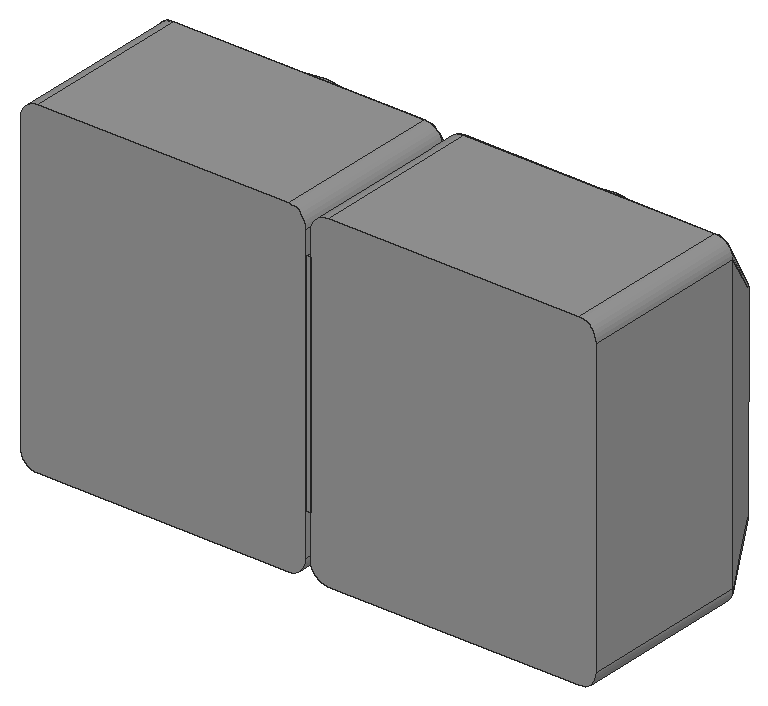
Revit family "IEK_РозеткаСетевая_ОткрытойУстановки_C ЗК с КР 16А двухместная IP54_ГЕРМЕС PLUS", category Электрические приборы, Revit 2019
Family settings
  Сохранять ориентацию аннотаций = Да
  Размер круглого соединителя = Использовать диаметр
  Тип детали = Нормальный
  На основе рабочей плоскости = Нет
  Всегда вертикально = Да
  При загрузке вырезать с полостями = Нет
  Общий = Нет
  Точка расчета площади = Нет
Parameters (values of type "РСб22-3-ГПБд")
  Ширина = 147 mm  # constant formula
  Тип монтажа = "Поверхность монтажа (открытая установка)"  # constant formula
  Степень защиты = "IP54"  # constant formula
  Материал крышки = Цвет дымчатый
  Изготовитель = "IEK"  # constant formula
  Дата изменения = ""
  Глубина = 52 mm  # constant formula
  Высота = 72 mm  # constant formula
  ΔХ [instance] = 2000 mm
  ΔY [instance] = 2000 mm
  KSI_CPr_Строительные изделия = "20.4.03.04 20.4.03.05 20.4.03.06"  # constant formula
  KSI_CMa_Строительные материалы = "01.7.14.03"  # constant formula
  IEK_Цена за единицу = 684.68  # constant formula
  IEK_Поиск в таблице имен = ""
  IEK_Описание = "Изделия серии \"ГЕРМЕС PLUS\" используются в помещениях с повышенной влажностью или запыленностью, а также под навесом на открытом воздухе."
  IEK_URL = "https://www.iek.ru/products/catalog/izdeliya_elektroustanovochnye_udliniteli_i_silovye_razemy/elektroustanovochnye_izdeliya/elektroustanovochnye_izdeliya_otkrytogo_montazha_ip44_ip54/elektroustanovochnye_izdeliya_germes_plus/rozetka_2_mestnaya_dlya_otkrytoy_ustanovki_rsb22_3_gpbd_s_zazemlyayushchim_kontaktom_ip54_germes_plus_tsvet_kryshki_dymchatyy_iek"
  ADSK_Ток [instance] = 16 A  # constant formula
  ADSK_Примечание = ""
  ADSK_Полная мощность [instance] = ADSK_Номинальная мощность / ADSK_Коэффициент мощности  # 3520 VA
  ADSK_Позиция [instance] = ""
  ADSK_Номинальная мощность [instance] = ADSK_Ток * ADSK_Напряжение * sqrt(ADSK_Количество фаз числовое) * ADSK_Коэффициент мощности  # 3520 W
  ADSK_Напряжение = 220 V
  ADSK_Наименование = "Розетка 2-местная для открытой установки РСб22-3-ГПБд с заземляющим контактом IP54 ГЕРМЕС PLUS (цвет крышки: дымчатый) IEK"
  ADSK_Материал обозначение = ""
  ADSK_Материал наименование = "Пластик"  # constant formula
  ADSK_Материал = Цвет белый
  ADSK_Масса = 0.224
  ADSK_Марка = "ГЕРМЕС PLUS"  # constant formula
  ADSK_Коэффициент мощности [instance] = 1  # constant formula
  ADSK_Количество фаз числовое = 1
  ADSK_Количество фаз = 1
  ADSK_Код изделия = "ERMP22-K03-16-54-EC"
  ADSK_Классификация нагрузок [instance] = Прочее
  ADSK_Завод-изготовитель = "IEK"  # constant formula
  ADSK_Единица измерения = "шт"  # constant formula
  ADSK_Группирование = "III ЭЛЕКТРОУСТАНОВОЧНЫЕ И ЭЛЕКТРОМОНТАЖНЫЕ ИЗДЕЛИЯ"  # constant formula
  ADSK_Версия семейства = "1.0"  # constant formula
  ADSK_Версия Revit = "2019"  # constant formula
  ADSK_URL страницы изделия = "https://www.iek.ru/products/catalog/izdeliya_elektroustanovochnye_udliniteli_i_silovye_razemy/elektroustanovochnye_izdeliya/elektroustanovochnye_izdeliya_otkrytogo_montazha_ip44_ip54/elektroustanovochnye_izdeliya_germes_plus/?pagec=100"
Types (3, lengths in mm): name | Материал крышки | IEK_URL | ADSK_Наименование | ADSK_Масса | ADSK_Код изделия
  (no name) | Цвет дымчатый | "https://www.iek.ru/products/catalog/izdeliya_elektroustanovochnye_udliniteli_i_silovye_razemy/elektroustanovochnye_izdeliya/elektroustanovochnye_izdeliya_otkrytogo_montazha_ip44_ip54/elektroustanovochnye_izdeliya_germes_plus/rozetka_2_mestnaya_dlya_otkrytoy_ustanovki_rsb22_3_gpbd_s_zazemlyayushchim_kontaktom_ip54_germes_plus_tsvet_kryshki_dymchatyy_iek" | "Розетка 2-местная для открытой установки РСб22-3-ГПБд с заземляющим контактом IP54 ГЕРМЕС PLUS (цвет крышки: дымчатый) IEK" | 0.224 | "ERMP22-K03-16-54-EC"
  РСб22-3-ГПБб | Цвет белый | "https://www.iek.ru/products/catalog/izdeliya_elektroustanovochnye_udliniteli_i_silovye_razemy/elektroustanovochnye_izdeliya/elektroustanovochnye_izdeliya_otkrytogo_montazha_ip44_ip54/elektroustanovochnye_izdeliya_germes_plus/rozetka_2_mestnaya_dlya_otkrytoy_ustanovki_rsb22_3_gpbb_s_zazemlyayushchim_kontaktom_ip54_germes_plus_tsvet_kryshki_belyy_iek" | "Розетка 2-местная для открытой установки РСб22-3-ГПБб с заземляющим контактом IP54 ГЕРМЕС PLUS (цвет крышки:белый) IEK" | 0.234 | "ERMP22-K01-16-54-EC"
  РСб22-3-ГПБд | Цвет дымчатый | "https://www.iek.ru/products/catalog/izdeliya_elektroustanovochnye_udliniteli_i_silovye_razemy/elektroustanovochnye_izdeliya/elektroustanovochnye_izdeliya_otkrytogo_montazha_ip44_ip54/elektroustanovochnye_izdeliya_germes_plus/rozetka_2_mestnaya_dlya_otkrytoy_ustanovki_rsb22_3_gpbd_s_zazemlyayushchim_kontaktom_ip54_germes_plus_tsvet_kryshki_dymchatyy_iek" | "Розетка 2-местная для открытой установки РСб22-3-ГПБд с заземляющим контактом IP54 ГЕРМЕС PLUS (цвет крышки: дымчатый) IEK" | 0.224 | "ERMP22-K03-16-54-EC"
Reference planes
  plane 1 "По центру (Вперед/Назад)": y = 0
  plane 2: z = 0
  plane 3 "По центру (Влево/Вправо)": x = 0
  plane 4 "Высота ножек": z = 280
  plane 5 "Высота": z = 2081.496
  plane 6: x = -2000
  plane 7: y = 2000
Forms (mm)
  Extrusion 1, solid, material "Цвет белый" <- "ADSK_Материал", detail levels fine
    sketch origin (-33, 0, 37.5) x (1, 0, 0) y (0, 0, -1)
      loop
        line (-32.5, 33.5) -> (-32.5, -33.45)
        arc (-32.5, -33.45) -> (-31.314, -36.314) -> (-28.45, -37.5) r 4.05
        line (-28.45, -37.5) -> (28.5, -37.5)
        arc (28.5, -37.5) -> (31.328, -36.328) -> (32.5, -33.5) r 4
        line (32.5, -33.5) -> (32.5, 33.5)
        arc (32.5, 33.5) -> (31.328, 36.328) -> (28.5, 37.5) r 4
        line (28.5, 37.5) -> (-28.5, 37.5)
        arc (-28.5, 37.5) -> (-31.328, 36.328) -> (-32.5, 33.5) r 4
    from 0 to 38.682
  Blend 2, solid, material "Цвет дымчатый" <- "Материал крышки", detail levels fine
    base sketch origin (-33, 0, 37.5) x (1, 0, 0) y (0, 0, -1)
      loop
        line (-32.5, 33.5) -> (-32.5, -33.5)
        arc (-32.5, -33.5) -> (-31.328, -36.328) -> (-28.5, -37.5) r 4
        line (-28.5, -37.5) -> (28.5, -37.5)
        arc (28.5, -37.5) -> (31.328, -36.328) -> (32.5, -33.5) r 4
        line (32.5, -33.5) -> (32.5, 33.5)
        arc (32.5, 33.5) -> (31.328, 36.328) -> (28.5, 37.5) r 4
        line (28.5, 37.5) -> (-28.5, 37.5)
        arc (-28.5, 37.5) -> (-31.328, 36.328) -> (-32.5, 33.5) r 4
    top sketch origin (-33, 0, 37.5) x (1, 0, 0) y (0, 0, -1)
      loop
        line (-30.1, 23.034) -> (-30.1, -24.041)
        arc (-30.1, -24.041) -> (-29.819, -24.719) -> (-29.141, -25) r 0.959
        line (-29.141, -25) -> (29.141, -25)
        arc (29.141, -25) -> (29.819, -24.719) -> (30.1, -24.041) r 0.959
        line (30.1, -24.041) -> (30.1, 23.034)
        arc (30.1, 23.034) -> (29.819, 23.712) -> (29.141, 23.993) r 0.959
        line (29.141, 23.993) -> (-29.141, 23.993)
        arc (-29.141, 23.993) -> (-29.819, 23.712) -> (-30.1, 23.034) r 0.959
    from 38.682 to 46.099
  Extrusion 3, void
    sketch origin (-32.975, 0, 37.5) x (1, 0, 0) y (0, 0, -1)
      loop
        arc (-16.762, -9.964) -> (-0.012, -19.5) -> (16.75, -9.984) r 19.5
        line (16.75, -9.984) -> (16.75, -2.25) -> (19.37, -2.25)
        arc (19.37, -2.25) -> (19.5, 0) -> (19.37, 2.25) r 19.5
        line (19.37, 2.25) -> (16.75, 2.25) -> (16.75, 9.984)
        arc (16.75, 9.984) -> (0, 19.5) -> (-16.75, 9.984) r 19.5
        line (-16.75, 9.984) -> (-16.75, 2.25) -> (-19.37, 2.25)
        arc (-19.37, 2.25) -> (-19.5, 0) -> (-19.37, -2.25) r 19.5
        line (-19.37, -2.25) -> (-16.75, -2.25) -> (-16.762, -9.964)
    from 26.4 to 46.099
  Extrusion 4, void
    sketch origin (-32.975, 0, 37.5) x (1, 0, 0) y (0, 0, -1)
      loop
        circle (-9.525, 0) r 2.758
      loop
        circle (9.525, 0) r 2.758
    from 26.4 to 5.7
  Extrusion 5, void
    sketch origin (-33, 0, 39.041) x (1, 0, 0) y (0, 0, -1)
      loop
        arc (-28.5, -24.189) -> (-27.914, -25.603) -> (-26.5, -26.189) r 2
        line (-26.5, -26.189) -> (26.5, -26.189)
        arc (26.5, -26.189) -> (27.914, -25.603) -> (28.5, -24.189) r 2
        line (28.5, -24.189) -> (28.5, 37.041)
        arc (28.5, 37.041) -> (27.914, 38.456) -> (26.5, 39.041) r 2
        line (26.5, 39.041) -> (-26.5, 39.041)
        arc (-26.5, 39.041) -> (-27.914, 38.456) -> (-28.5, 37.041) r 2
        line (-28.5, 37.041) -> (-28.5, -24.189)
      loop
        line (5, 26.541) -> (-5, 26.541) -> (-15.069, 16.168)
        arc (-15.069, 16.168) -> (-21, 1.541) -> (-15.069, -13.085) r 21
        line (-15.069, -13.085) -> (-5, -23.459) -> (5, -23.459) -> (15.069, -13.085)
        arc (15.069, -13.085) -> (21, 1.541) -> (15.069, 16.168) r 21
        line (15.069, 16.168) -> (5, 26.541)
    from 38.682 to 46.099
  Extrusion 6, void
    sketch origin (-33, 0, 37.5) x (1, 0, 0) y (0, 0, -1)
      loop
        line (-22.764, -27) -> (-14.278, -27)
        arc (-14.278, -27) -> (0, -32.5) -> (14.278, -27) r 21.282
        line (14.278, -27) -> (22.764, -27) -> (22.764, 26.4) -> (-22.764, 26.4) -> (-22.764, -27)
    from 43.6 to 46.099
  Extrusion 7, solid, material "Цвет дымчатый" <- "Материал крышки", detail levels fine
    sketch origin (-32.975, 0, 37.5) x (0, 0, -1) y (0, 1, 0)
      loop
        line (23.993, 46.099) -> (-27, 46.099) -> (-27, 45.121) -> (23.993, 45.121) -> (35.72, 38.682) -> (37.5, 38.682) -> (23.993, 46.099)
    from -28 to 28
  Extrusion 8, solid, material "Цвет дымчатый" <- "Материал крышки", detail levels fine
    sketch origin (-32.975, 0, 37.5) x (1, 0, 0) y (0, 0, -1)
      loop
        arc (-14.278, -27) -> (0, -32.5) -> (14.278, -27) r 21.282
        line (14.278, -27) -> (-14.278, -27)
    from 45.121 to 46.099
  Blend 9, solid, material "Цвет дымчатый" <- "Материал крышки", detail levels fine
    base sketch origin (33, 0, 37.5) x (1, 0, 0) y (0, 0, -1)
      loop
        line (-32.5, 33.5) -> (-32.5, -33.5)
        arc (-32.5, -33.5) -> (-31.328, -36.328) -> (-28.5, -37.5) r 4
        line (-28.5, -37.5) -> (28.5, -37.5)
        arc (28.5, -37.5) -> (31.328, -36.328) -> (32.5, -33.5) r 4
        line (32.5, -33.5) -> (32.5, 33.5)
        arc (32.5, 33.5) -> (31.328, 36.328) -> (28.5, 37.5) r 4
        line (28.5, 37.5) -> (-28.5, 37.5)
        arc (-28.5, 37.5) -> (-31.328, 36.328) -> (-32.5, 33.5) r 4
    top sketch origin (33, 0, 37.5) x (1, 0, 0) y (0, 0, -1)
      loop
        line (-30.1, 23.034) -> (-30.1, -24.041)
        arc (-30.1, -24.041) -> (-29.819, -24.719) -> (-29.141, -25) r 0.959
        line (-29.141, -25) -> (29.141, -25)
        arc (29.141, -25) -> (29.819, -24.719) -> (30.1, -24.041) r 0.959
        line (30.1, -24.041) -> (30.1, 23.034)
        arc (30.1, 23.034) -> (29.819, 23.712) -> (29.141, 23.993) r 0.959
        line (29.141, 23.993) -> (-29.141, 23.993)
        arc (-29.141, 23.993) -> (-29.819, 23.712) -> (-30.1, 23.034) r 0.959
    from 38.682 to 46.099
  Extrusion 10, solid, material "Цвет белый" <- "ADSK_Материал", detail levels fine
    sketch origin (33, 0, 37.5) x (1, 0, 0) y (0, 0, -1)
      loop
        line (-32.5, 33.5) -> (-32.5, -33.45)
        arc (-32.5, -33.45) -> (-31.314, -36.314) -> (-28.45, -37.5) r 4.05
        line (-28.45, -37.5) -> (28.5, -37.5)
        arc (28.5, -37.5) -> (31.328, -36.328) -> (32.5, -33.5) r 4
        line (32.5, -33.5) -> (32.5, 33.5)
        arc (32.5, 33.5) -> (31.328, 36.328) -> (28.5, 37.5) r 4
        line (28.5, 37.5) -> (-28.5, 37.5)
        arc (-28.5, 37.5) -> (-31.328, 36.328) -> (-32.5, 33.5) r 4
    from 0 to 38.682
  Extrusion 11, void
    sketch origin (33.025, 0, 37.5) x (1, 0, 0) y (0, 0, -1)
      loop
        arc (-16.762, -9.964) -> (-0.012, -19.5) -> (16.75, -9.984) r 19.5
        line (16.75, -9.984) -> (16.75, -2.25) -> (19.37, -2.25)
        arc (19.37, -2.25) -> (19.5, 0) -> (19.37, 2.25) r 19.5
        line (19.37, 2.25) -> (16.75, 2.25) -> (16.75, 9.984)
        arc (16.75, 9.984) -> (0, 19.5) -> (-16.75, 9.984) r 19.5
        line (-16.75, 9.984) -> (-16.75, 2.25) -> (-19.37, 2.25)
        arc (-19.37, 2.25) -> (-19.5, 0) -> (-19.37, -2.25) r 19.5
        line (-19.37, -2.25) -> (-16.75, -2.25) -> (-16.762, -9.964)
    from 26.4 to 46.099
  Extrusion 12, void
    sketch origin (33.025, 0, 37.5) x (1, 0, 0) y (0, 0, -1)
      loop
        circle (-9.525, 0) r 2.758
      loop
        circle (9.525, 0) r 2.758
    from 26.4 to 5.7
  Extrusion 13, void
    sketch origin (33, 0, 39.041) x (1, 0, 0) y (0, 0, -1)
      loop
        arc (-28.5, -24.189) -> (-27.914, -25.603) -> (-26.5, -26.189) r 2
        line (-26.5, -26.189) -> (26.5, -26.189)
        arc (26.5, -26.189) -> (27.914, -25.603) -> (28.5, -24.189) r 2
        line (28.5, -24.189) -> (28.5, 37.041)
        arc (28.5, 37.041) -> (27.914, 38.456) -> (26.5, 39.041) r 2
        line (26.5, 39.041) -> (-26.5, 39.041)
        arc (-26.5, 39.041) -> (-27.914, 38.456) -> (-28.5, 37.041) r 2
        line (-28.5, 37.041) -> (-28.5, -24.189)
      loop
        line (5, 26.541) -> (-5, 26.541) -> (-15.069, 16.168)
        arc (-15.069, 16.168) -> (-21, 1.541) -> (-15.069, -13.085) r 21
        line (-15.069, -13.085) -> (-5, -23.459) -> (5, -23.459) -> (15.069, -13.085)
        arc (15.069, -13.085) -> (21, 1.541) -> (15.069, 16.168) r 21
        line (15.069, 16.168) -> (5, 26.541)
    from 38.682 to 46.099
  Extrusion 14, void
    sketch origin (33, 0, 37.5) x (1, 0, 0) y (0, 0, -1)
      loop
        line (-22.764, -27) -> (-14.278, -27)
        arc (-14.278, -27) -> (0, -32.5) -> (14.278, -27) r 21.282
        line (14.278, -27) -> (22.764, -27) -> (22.764, 26.4) -> (-22.764, 26.4) -> (-22.764, -27)
    from 43.6 to 46.099
  Extrusion 15, solid, material "Цвет дымчатый" <- "Материал крышки", detail levels fine
    sketch origin (33, 0, 37.5) x (0, 0, -1) y (0, 1, 0)
      loop
        line (23.993, 46.099) -> (-27, 46.099) -> (-27, 45.121) -> (23.993, 45.121) -> (35.72, 38.682) -> (37.5, 38.682) -> (23.993, 46.099)
    from -28 to 28
  Extrusion 16, solid, material "Цвет дымчатый" <- "Материал крышки", detail levels fine
    sketch origin (33, 0, 37.5) x (1, 0, 0) y (0, 0, -1)
      loop
        arc (-14.278, -27) -> (0, -32.5) -> (14.278, -27) r 21.282
        line (14.278, -27) -> (-14.278, -27)
    from 45.121 to 46.099
  Extrusion 17, solid, material "Цвет белый" <- "ADSK_Материал", detail levels fine
    sketch origin (0, 0, 37.5) x (1, 0, 0) y (0, 0, -1)
      loop
        line (-0.5, 23.775) -> (-0.5, -28.284) -> (0.5, -28.284) -> (0.5, 23.775) -> (-0.5, 23.775)
    from 0 to 15
  Extrusion 18, solid, detail levels coarse
    sketch origin (0, 0, 0) x (1, 0, 0) y (0, 1, 0)
      loop
        line (-65.5, 0) -> (65.5, 0) -> (65.5, 46.099) -> (-65.5, 46.099) -> (-65.5, 0)
    from 0 to 75
  Extrusion 19, solid, detail levels medium
    sketch origin (0, 0, 0) x (1, 0, 0) y (0, 1, 0)
      loop
        line (-65.5, 46.099) -> (-65.5, 0) -> (65.5, 0) -> (65.5, 46.099) -> (-65.5, 46.099)
    from 0 to 75
Cuts and joins
  Extrusion 3, Extrusion 5, Extrusion 6 cuts Blend 2
  Extrusion 13, Extrusion 14 cuts Blend 9
  Extrusion 11, Extrusion 12, Extrusion 14 cuts Extrusion 10
  Extrusion 3, Extrusion 4 cuts Extrusion 1
Lines and regions (mm)
  reference lines
    curve 1: line (0, 44.647, 0) -> (0, -55.353, 0)
    curve 2: line (-23.829, 0, 0) -> (76.171, 0, 0)
Dimensions and locks
  locked: plane 4 "Высота ножек" to plane 2 at 280
  plane 5 "Высота" to plane 4 "Высота ножек" = 1801.496 mm
  "ΔХ": plane 6 to curve 1
  "ΔY": plane 7 to curve 2
  aligned and locked: level to plane 2
  aligned and locked: nested 1 to curve 1
  aligned and locked: curve 2 to nested 1
Automatic sketch dimensions
  level to Extrusion 1 sketch curve = 4 mm
  Extrusion 1 sketch curve to plane 3 "По центру (Влево/Вправо)" = 65.5 mm
  Extrusion 1 sketch curve to Extrusion 1 sketch curve = 4 mm
  Extrusion 1 sketch curve to Extrusion 1 sketch curve = 4.05 mm
  Extrusion 1 sketch curve to plane 3 "По центру (Влево/Вправо)" = 4.5 mm  (x2)
  Extrusion 1 sketch curve to plane 3 "По центру (Влево/Вправо)" = 0.5 mm
  level to Extrusion 1 sketch curve = 70.95 mm
  level to Blend 2 sketch curve = 4 mm
  Blend 2 sketch curve to plane 3 "По центру (Влево/Вправо)" = 65.5 mm
  Blend 2 sketch curve to Blend 2 sketch curve = 4 mm  (x2)
  Blend 2 sketch curve to plane 3 "По центру (Влево/Вправо)" = 4.5 mm  (x2)
  Blend 2 sketch curve to plane 3 "По центру (Влево/Вправо)" = 0.5 mm
  level to Blend 2 sketch curve = 71 mm
  level to Blend 2 sketch curve = 14.466 mm  (x2)
  Blend 2 sketch curve to plane 3 "По центру (Влево/Вправо)" = 63.1 mm
  Blend 2 sketch curve to Blend 2 sketch curve = 0.959 mm  (x2)
  Blend 2 sketch curve to plane 3 "По центру (Влево/Вправо)" = 3.859 mm  (x2)
  Blend 2 sketch curve to Blend 2 sketch curve = 47.076 mm
  Extrusion 3 sketch curve to Extrusion 3 sketch curve = 0 mm  (x14)
  level to Extrusion 3 sketch curve = 39.75 mm  (x2)
  Extrusion 3 sketch curve to plane 3 "По центру (Влево/Вправо)" = 52.345 mm
  Extrusion 3 sketch curve to Extrusion 3 sketch curve = 2.62 mm  (x4)
  Extrusion 3 sketch curve to Extrusion 3 sketch curve = 16.75 mm
  Extrusion 3 sketch curve to plane 3 "По центру (Влево/Вправо)" = 16.225 mm
  Extrusion 3 sketch curve to Extrusion 3 sketch curve = 7.734 mm  (x2)
  Extrusion 3 sketch curve to Extrusion 3 sketch curve = 2.25 mm
  Extrusion 3 sketch curve to Extrusion 3 sketch curve = 0.012 mm
  Extrusion 4 sketch curve to plane 3 "По центру (Влево/Вправо)" = 42.5 mm
  Extrusion 4 sketch curve to Extrusion 4 sketch curve = 19.049 mm
  level to Extrusion 4 sketch curve = 37.5 mm
  Extrusion 4 sketch curve to Extrusion 4 sketch curve = 0 mm
  Extrusion 5 sketch curve to Extrusion 5 sketch curve = 0 mm  (x2)
  Extrusion 5 sketch curve to plane 3 "По центру (Влево/Вправо)" = 61.5 mm
  Extrusion 5 sketch curve to Extrusion 5 sketch curve = 2 mm  (x3)
  level to Extrusion 5 sketch curve = 22.874 mm  (x2)
  Extrusion 5 sketch curve to Extrusion 5 sketch curve = 11.431 mm  (x2)
  level to Extrusion 5 sketch curve = 12.5 mm
  Extrusion 5 sketch curve to Extrusion 5 sketch curve = 10.069 mm  (x4)
  Extrusion 5 sketch curve to Extrusion 5 sketch curve = 15.069 mm
  Extrusion 5 sketch curve to Extrusion 5 sketch curve = 10 mm  (x2)
  Extrusion 5 sketch curve to plane 3 "По центру (Влево/Вправо)" = 6.5 mm  (x2)
  Extrusion 5 sketch curve to Extrusion 5 sketch curve = 14.626 mm
  Extrusion 5 sketch curve to Extrusion 5 sketch curve = 10.374 mm
  Extrusion 5 sketch curve to Extrusion 5 sketch curve = 11.104 mm
  level to Extrusion 5 sketch curve = 2 mm
  Extrusion 6 sketch curve to plane 3 "По центру (Влево/Вправо)" = 55.764 mm
  Extrusion 6 sketch curve to Extrusion 6 sketch curve = 8.486 mm  (x2)
  Extrusion 6 sketch curve to Extrusion 6 sketch curve = 14.278 mm
  Extrusion 6 sketch curve to plane 3 "По центру (Влево/Вправо)" = 18.722 mm
  level to Extrusion 6 sketch curve = 64.5 mm
  Extrusion 6 sketch curve to Extrusion 6 sketch curve = 15.782 mm
  level to Extrusion 6 sketch curve = 11.1 mm
  Extrusion 7 sketch curve to plane 1 "По центру (Вперед/Назад)" = 46.099 mm
  level to Extrusion 7 sketch curve = 64.5 mm
  level to Extrusion 7 sketch curve = 13.507 mm  (x2)
  level to Extrusion 7 sketch curve = 1.78 mm
  Extrusion 7 sketch curve to Extrusion 7 sketch curve = 1.78 mm
  Extrusion 7 sketch curve to Extrusion 7 sketch curve = 0.977 mm
  Extrusion 7 sketch curve to Extrusion 7 sketch curve = 6.439 mm
  Extrusion 8 sketch curve to plane 3 "По центру (Влево/Вправо)" = 47.253 mm
  Extrusion 8 sketch curve to Extrusion 8 sketch curve = 14.278 mm
  level to Extrusion 8 sketch curve = 64.5 mm
  Extrusion 8 sketch curve to Extrusion 8 sketch curve = 15.782 mm
  plane 3 "По центру (Влево/Вправо)" to Blend 9 sketch curve = 0.5 mm
  plane 3 "По центру (Влево/Вправо)" to Blend 9 sketch curve = 4.5 mm
  Blend 9 sketch curve to Blend 9 sketch curve = 4 mm  (x2)
  Blend 9 sketch curve to Blend 9 sketch curve = 57 mm  (x2)
  level to Blend 9 sketch curve = 4 mm
  level to Blend 9 sketch curve = 71 mm
  level to Blend 9 sketch curve = 14.466 mm  (x2)
  plane 3 "По центру (Влево/Вправо)" to Blend 9 sketch curve = 2.9 mm
  Blend 9 sketch curve to Blend 9 sketch curve = 0.959 mm  (x2)
  Blend 9 sketch curve to Blend 9 sketch curve = 58.283 mm
  Blend 9 sketch curve to Blend 9 sketch curve = 0 mm
  Blend 9 sketch curve to Blend 9 sketch curve = 47.076 mm
  plane 3 "По центру (Влево/Вправо)" to Extrusion 10 sketch curve = 0.5 mm
  Extrusion 10 sketch curve to Extrusion 10 sketch curve = 4 mm  (x2)
  plane 3 "По центру (Влево/Вправо)" to Extrusion 10 sketch curve = 4.55 mm
  Extrusion 10 sketch curve to Extrusion 10 sketch curve = 56.95 mm
  level to Extrusion 10 sketch curve = 4 mm
  Extrusion 10 sketch curve to Extrusion 10 sketch curve = 57 mm
  level to Extrusion 10 sketch curve = 70.95 mm
  Extrusion 11 sketch curve to Extrusion 11 sketch curve = 0 mm  (x14)
  plane 3 "По центру (Влево/Вправо)" to Extrusion 11 sketch curve = 13.655 mm
  Extrusion 11 sketch curve to Extrusion 11 sketch curve = 2.62 mm  (x4)
  Extrusion 11 sketch curve to Extrusion 11 sketch curve = 16.75 mm  (x2)
  level to Extrusion 11 sketch curve = 47.484 mm
  Extrusion 11 sketch curve to Extrusion 11 sketch curve = 7.734 mm  (x3)
  Extrusion 11 sketch curve to Extrusion 11 sketch curve = 2.25 mm
  Extrusion 11 sketch curve to Extrusion 11 sketch curve = 0.012 mm
  plane 3 "По центру (Влево/Вправо)" to Extrusion 12 sketch curve = 23.5 mm
  Extrusion 12 sketch curve to Extrusion 12 sketch curve = 19.049 mm
  level to Extrusion 12 sketch curve = 37.5 mm
  Extrusion 12 sketch curve to Extrusion 12 sketch curve = 0 mm
  Extrusion 13 sketch curve to Extrusion 13 sketch curve = 0 mm  (x2)
  plane 3 "По центру (Влево/Вправо)" to Extrusion 13 sketch curve = 4.5 mm
  Extrusion 13 sketch curve to Extrusion 13 sketch curve = 2 mm  (x3)
  level to Extrusion 13 sketch curve = 22.874 mm  (x2)
  plane 3 "По центру (Влево/Вправо)" to Extrusion 13 sketch curve = 17.931 mm
  Extrusion 13 sketch curve to Extrusion 13 sketch curve = 11.431 mm  (x3)
  level to Extrusion 13 sketch curve = 12.5 mm
  Extrusion 13 sketch curve to Extrusion 13 sketch curve = 10.069 mm  (x4)
  Extrusion 13 sketch curve to Extrusion 13 sketch curve = 15.069 mm
  Extrusion 13 sketch curve to Extrusion 13 sketch curve = 10 mm  (x2)
  Extrusion 13 sketch curve to Extrusion 13 sketch curve = 14.626 mm
  Extrusion 13 sketch curve to Extrusion 13 sketch curve = 10.374 mm
  Extrusion 13 sketch curve to Extrusion 13 sketch curve = 11.104 mm
  level to Extrusion 13 sketch curve = 2 mm
  plane 3 "По центру (Влево/Вправо)" to Extrusion 14 sketch curve = 10.236 mm
  Extrusion 14 sketch curve to Extrusion 14 sketch curve = 8.486 mm  (x2)
  Extrusion 14 sketch curve to Extrusion 14 sketch curve = 14.278 mm  (x2)
  level to Extrusion 14 sketch curve = 64.5 mm
  Extrusion 14 sketch curve to Extrusion 14 sketch curve = 15.782 mm
  level to Extrusion 14 sketch curve = 11.1 mm
  Extrusion 15 sketch curve to plane 1 "По центру (Вперед/Назад)" = 46.099 mm
  level to Extrusion 15 sketch curve = 64.5 mm
  level to Extrusion 15 sketch curve = 13.507 mm  (x2)
  level to Extrusion 15 sketch curve = 1.78 mm
  Extrusion 15 sketch curve to Extrusion 15 sketch curve = 1.78 mm
  Extrusion 15 sketch curve to Extrusion 15 sketch curve = 0.977 mm
  Extrusion 15 sketch curve to Extrusion 15 sketch curve = 6.439 mm
  plane 3 "По центру (Влево/Вправо)" to Extrusion 16 sketch curve = 18.722 mm
  Extrusion 16 sketch curve to Extrusion 16 sketch curve = 14.278 mm
  level to Extrusion 16 sketch curve = 64.5 mm
  Extrusion 16 sketch curve to Extrusion 16 sketch curve = 15.782 mm
  Extrusion 17 sketch curve to plane 3 "По центру (Влево/Вправо)" = 0.5 mm
  plane 3 "По центру (Влево/Вправо)" to Extrusion 17 sketch curve = 0.5 mm
  level to Extrusion 17 sketch curve = 65.784 mm
  level to Extrusion 17 sketch curve = 13.725 mm
  plane 1 "По центру (Вперед/Назад)" to Extrusion 18 sketch curve = 0 mm
  Extrusion 18 sketch curve to plane 3 "По центру (Влево/Вправо)" = 65.5 mm
  plane 3 "По центру (Влево/Вправо)" to Extrusion 18 sketch curve = 65.5 mm
  Extrusion 18 sketch curve to plane 1 "По центру (Вперед/Назад)" = 46.099 mm
  plane 1 "По центру (Вперед/Назад)" to Extrusion 19 sketch curve = 0 mm
  Extrusion 19 sketch curve to plane 3 "По центру (Влево/Вправо)" = 65.5 mm
  plane 3 "По центру (Влево/Вправо)" to Extrusion 19 sketch curve = 65.5 mm
  Extrusion 19 sketch curve to Extrusion 19 sketch curve = 46.099 mm
  curve 2 to plane 3 "По центру (Влево/Вправо)" = 23.829 mm
  plane 3 "По центру (Влево/Вправо)" to curve 2 = 76.171 mm
  plane 1 "По центру (Вперед/Назад)" to curve 1 = 55.353 mm
  curve 1 to plane 1 "По центру (Вперед/Назад)" = 44.647 mm
  radius of Extrusion 4 sketch curve = 2.758 mm  (x2)
  radius of Extrusion 12 sketch curve = 2.758 mm  (x2)
Nested families
  nested 1: "УГО Розетки" at (0, 0, 0), type "2PE-O", detail levels coarse+medium
    with Количество в блоке "2Б", Блок розеток yes, IP44 yes
Connectors
  electrical at (0, 0, 39.754), driven by "ADSK_Количество фаз", driven by "ADSK_Классификация нагрузок", driven by "ADSK_Напряжение", driven by "ADSK_Полная мощность", driven by "ADSK_Коэффициент мощности"
    settings: on Extrusion 17, index 1, voltage 220 V, apparent load 0 VA, apparent load phase1 3520 VA, apparent load phase2 0 VA, apparent load phase3 0 VA, power factor 1, load classification "Прочее", number of poles 1, system type 31, power factor state 1, is connector primary yes, connector utility no, sub classification motor no, connector description ""
Definition of nested family "УГО Розетки"
  Parameters (values of type "3PE-O")
    Количество в блоке [instance] = ""
    Блок розеток [instance] = no
    IP44 [instance] = no
    3PE-O = yes
    3PE-C = no
    2PE-O = no
    2PE-C = no
    2P-O = no
    2P-C = no
  Types (6, lengths in mm): name | 3PE-O | 3PE-C | 2PE-O | 2PE-C | 2P-O | 2P-C
    2P-O | no | no | no | no | yes | no
    3PE-O | yes | no | no | no | no | no
    2P-C | no | no | no | no | no | yes
    2PE-C | no | no | no | yes | no | no
    2PE-O | no | no | yes | no | no | no
    3PE-C | no | yes | no | no | no | no
  Reference planes
    plane 1: y = 0
    plane 2: x = 0
  Lines and regions (mm)
    Filled region 1, type "Цветовая область 1", visible <- "IP44"
      outline origin (0, 0, 0) x (1, 0, 0) y (0, 1, 0)
        loop
          line (-2.5, 0) -> (2.5, 0)
          arc (2.5, 0) -> (0, 2.5) -> (-2.5, 0) r 2.5
    Filled region 2, type "Цветовая область 1", visible <- "IP44", not visible
      outline origin (0, 0, 0) x (1, 0, 0) y (0, 1, 0)
        loop
          line (-2.5, 4.664) -> (2.5, 4.664)
          arc (2.5, 4.664) -> (0, 7.164) -> (-2.5, 4.664) r 2.5
    detail lines
      curve 1: line (-2.5, 0, 0) -> (2.5, 0, 0)
      curve 3: line (0, 2.5, 0) -> (0, 5, 0)
      curve 4: arc (-2.5, 0, 0) -> (0, 2.5, 0) -> (2.5, 0, 0) r 2.5
    detail lines, visible <- "3PE-C"
      curve 2: line (0, 0, 0) -> (0, 2.5, 0)
      curve 5: line (-2.5, 2.5, 0) -> (2.5, 2.5, 0)
      curve 17: line (0, 2.5, 0) -> (1.768, 4.268, 0)
      curve 18: line (0, 2.5, 0) -> (-1.768, 4.268, 0)
    detail lines, not visible
      curve 6: line (-2.5, 4.664, 0) -> (2.5, 4.664, 0)
      curve 8: line (0, 7.164, 0) -> (0, 9.664, 0)
      curve 9: arc (-2.5, 4.664, 0) -> (0, 7.164, 0) -> (2.5, 4.664, 0) r 2.5
    detail lines, visible <- "3PE-C", not visible
      curve 7: line (0, 4.664, 0) -> (0, 7.164, 0)
      curve 10: line (-2.5, 7.164, 0) -> (2.5, 7.164, 0)
      curve 23: line (0, 7.164, 0) -> (1.768, 8.932, 0)
      curve 24: line (0, 7.164, 0) -> (-1.768, 8.932, 0)
    detail lines, visible <- "3PE-O"
      curve 11: line (-2.5, 2.5, 0) -> (2.5, 2.5, 0)
      curve 19: line (0, 2.5, 0) -> (1.768, 4.268, 0)
      curve 20: line (0, 2.5, 0) -> (-1.768, 4.268, 0)
    detail lines, visible <- "3PE-O", not visible
      curve 12: line (-2.5, 7.164, 0) -> (2.5, 7.164, 0)
      curve 25: line (0, 7.164, 0) -> (1.768, 8.932, 0)
      curve 26: line (0, 7.164, 0) -> (-1.768, 8.932, 0)
    detail lines, visible <- "2PE-C"
      curve 13: line (0, 0, 0) -> (0, 2.5, 0)
      curve 22: line (-2.5, 2.5, 0) -> (2.5, 2.5, 0)
    detail lines, visible <- "2P-C"
      curve 14: line (0, 0, 0) -> (0, 2.5, 0)
    detail lines, visible <- "2PE-C", not visible
      curve 15: line (0, 4.664, 0) -> (0, 7.164, 0)
      curve 28: line (-2.5, 7.164, 0) -> (2.5, 7.164, 0)
    detail lines, visible <- "2P-C", not visible
      curve 16: line (0, 4.664, 0) -> (0, 7.164, 0)
    detail lines, visible <- "2PE-O"
      curve 21: line (-2.5, 2.5, 0) -> (2.5, 2.5, 0)
    detail lines, visible <- "2PE-O", not visible
      curve 27: line (-2.5, 7.164, 0) -> (2.5, 7.164, 0)
    reference lines
      curve 29: line (100, 9.605, 0) -> (100, -3.971, 0)
  Text (mm)
    label "3" at (1.908, 5.573, 0), shows "Количество в блоке", visible <- "Блок розеток"
    label "3" at (1.908, 10.237, 0), shows "Количество в блоке", visible <- "Блок розеток", not visible
  Dimensions and locks
    aligned and locked: Filled region 1 sketch curve to curve 4
    aligned and locked: Filled region 2 sketch curve to curve 9
